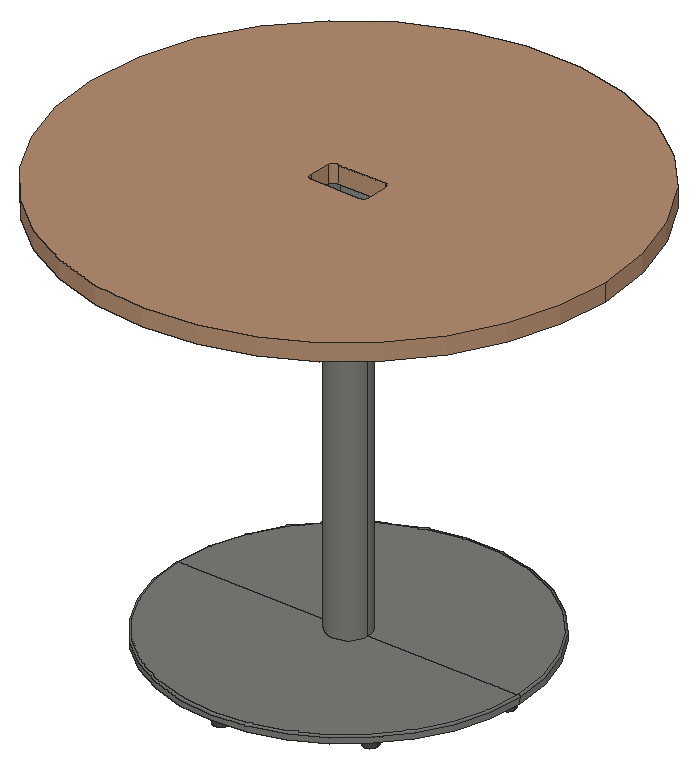
Revit family "Table-Teknion-ATEDB_Circular_Cafe_Table_With_Electrics-R2022", category Furniture, Revit 2023 (continued)
Definition of nested family "Support"
  Automatic sketch dimensions
    plane 1 "Center Front/Back" to Sweep 3 sketch curve = 0.19544"
    profile plane to Sweep 3 sketch curve = 0.64889"
    profile plane to Sweep 3 sketch curve = 1.37498"
    Sweep 3 sketch curve to plane 1 "Center Front/Back" = 0.45344"
    Sweep 3 sketch curve to plane 1 "Center Front/Back" = 1.28012"
    Sweep 4 sketch curve to plane 6 "Back" = 0.000"
    Sweep 4 sketch curve to plane 3 "Center Left/Right" = 1.04878"
    plane 1 "Center Front/Back" to Sweep 4 sketch curve = 0.19544"
    Sweep 4 sketch curve to Sweep 4 sketch curve = 0.000"  (x2)
    Sweep 4 sketch curve to profile plane = 0.000"
    profile plane to Sweep 4 sketch curve = 0.10229"
    Sweep 4 sketch curve to Sweep 4 sketch curve = 0.08524"
    level to Sweep 4 sketch curve = 27.59449"
    Sweep 4 sketch curve to Sweep 4 sketch curve = 0.05906"
    Sweep 4 sketch curve to Sweep 4 sketch curve = 0.04921"
    Sweep 5 sketch curve to plane 8 "Top" = 0.15748"
    plane 3 "Center Left/Right" to Sweep 5 sketch curve = 0.94649"
    Sweep 5 sketch curve to plane 8 "Top" = 0.10827"
    Sweep 5 sketch curve to Sweep 5 sketch curve = 0.08524"
    plane 5 "Right" to Sweep 6 sketch curve = 0.000"
    Sweep 6 sketch curve to plane 8 "Top" = 0.000"
    Sweep 6 sketch curve to plane 8 "Top" = 0.09843"
    Sweep 6 sketch curve to profile plane = 0.000"
    plane 1 "Center Front/Back" to Sweep 6 sketch curve = 0.19544"
    Sweep 6 sketch curve to profile plane = 0.64889"
    Sweep 6 sketch curve to profile plane = 1.37498"
    Sweep 6 sketch curve to plane 1 "Center Front/Back" = 0.45344"
    Sweep 6 sketch curve to plane 1 "Center Front/Back" = 1.28012"
    Sweep 7 sketch curve to plane 6 "Back" = 0.000"
    plane 3 "Center Left/Right" to Sweep 7 sketch curve = 1.04878"
    plane 1 "Center Front/Back" to Sweep 7 sketch curve = 0.19544"
    Sweep 7 sketch curve to Sweep 7 sketch curve = 0.000"  (x2)
    Sweep 7 sketch curve to profile plane = 0.000"
    Sweep 7 sketch curve to profile plane = 0.10229"
    Sweep 7 sketch curve to Sweep 7 sketch curve = 0.08524"
    level to Sweep 7 sketch curve = 27.59449"
    Sweep 7 sketch curve to Sweep 7 sketch curve = 0.05906"
    Sweep 7 sketch curve to Sweep 7 sketch curve = 0.04921"
    Sweep 5 sketch curve to profile plane = 0.86475"
    Sweep 5 sketch curve to profile plane = 0.87174"
    Sweep 5 sketch curve to Sweep 5 sketch curve = 0.06806"
    Sweep 5 sketch curve to plane 1 "Center Front/Back" = 0.48706"
    Sweep 5 sketch curve to Sweep 5 sketch curve = 0.64619"
    Sweep 5 sketch curve to plane 1 "Center Front/Back" = 1.28012"
    Sweep 5 sketch curve to plane 1 "Center Front/Back" = 0.27196"
    Sweep 5 sketch curve to Sweep 5 sketch curve = 0.47466"
    Sweep 5 sketch curve to Sweep 5 sketch curve = 0.02033"
    Sweep 5 sketch curve to Sweep 5 sketch curve = 0.00333"
    plane 1 "Center Front/Back" to Sweep 5 sketch curve = 0.33698"
    Sweep 5 sketch curve to profile plane = 0.000"
    Sweep 5 sketch curve to Sweep 5 sketch curve = 0.1072"
    plane 1 "Center Front/Back" to Sweep 5 sketch curve = 0.19544"
    Sweep 5 sketch curve to Sweep 5 sketch curve = 0.30872"
    Sweep 1 sketch curve to profile plane = 0.000"
    profile plane to Sweep 1 sketch curve = 0.86475"
    Sweep 1 sketch curve to Sweep 1 sketch curve = 0.06806"
    Sweep 1 sketch curve to Sweep 1 sketch curve = 0.64619"
    Sweep 1 sketch curve to plane 1 "Center Front/Back" = 1.28012"
    Sweep 1 sketch curve to plane 1 "Center Front/Back" = 0.48706"
    Sweep 1 sketch curve to plane 1 "Center Front/Back" = 0.27196"
    plane 1 "Center Front/Back" to Sweep 1 sketch curve = 0.64569"
    Sweep 1 sketch curve to Sweep 1 sketch curve = 0.47466"
    Sweep 1 sketch curve to Sweep 1 sketch curve = 0.02033"
    Sweep 1 sketch curve to Sweep 1 sketch curve = 0.00333"
    Sweep 1 sketch curve to Sweep 1 sketch curve = 0.01641"
    plane 1 "Center Front/Back" to Sweep 1 sketch curve = 0.33698"
    Sweep 1 sketch curve to Sweep 1 sketch curve = 0.1072"
    plane 1 "Center Front/Back" to Sweep 1 sketch curve = 0.19544"
    curve 1 to plane 4 "Left" = 0.000"
    curve 17 to plane 6 "Back" = 0.000"
    plane 7 "Front" to curve 12 = 0.000"
    plane 7 "Front" to curve 30 = 0.000"
    curve 20 to plane 6 "Back" = 0.000"
    curve 20 to plane 5 "Right" = 0.000"
    plane 1 "Center Front/Back" to curve 4 = 0.19544"
    plane 4 "Left" to curve 4 = 0.64889"
    curve 18 to plane 3 "Center Left/Right" = 0.86125"
    curve 5 to plane 3 "Center Left/Right" = 0.86125"
    curve 14 to plane 3 "Center Left/Right" = 0.47842"
    curve 10 to curve 16 = 0.00654"
    curve 4 to curve 6 = 0.40074"
    curve 10 to curve 14 = 0.08524"
    curve 10 to curve 16 = 0.08524"
    curve 8 to curve 15 = 0.08524"
    curve 19 to plane 3 "Center Left/Right" = 0.18753"
    curve 13 to plane 3 "Center Left/Right" = 0.18753"
    plane 3 "Center Left/Right" to curve 35 = 0.18753"
    plane 3 "Center Left/Right" to curve 13 = 0.18753"
    plane 3 "Center Left/Right" to curve 24 = 0.37528"
    curve 13 to curve 34 = 0.19912"
    curve 13 to curve 32 = 0.20566"
    curve 33 to curve 25 = 0.08524"
    curve 26 to curve 34 = 0.08524"
    curve 28 to curve 32 = 0.08524"
    plane 1 "Center Front/Back" to curve 23 = 0.19544"
    curve 33 to curve 23 = 0.40074"
    plane 3 "Center Left/Right" to curve 20 = 0.86125"
    plane 5 "Right" to curve 23 = 0.64889"
    curve 13 to plane 7 "Front" = 0.13945"
    curve 13 to curve 34 = 0.17929"
    curve 16 to plane 7 "Front" = 0.31874"
    plane 1 "Center Front/Back" to curve 5 = 0.33698"
    plane 1 "Center Front/Back" to curve 33 = 0.33698"
    curve 2 to plane 1 "Center Front/Back" = 0.45344"
    curve 21 to plane 1 "Center Front/Back" = 0.45344"
    curve 19 to plane 1 "Center Front/Back" = 0.48706"
    curve 6 to curve 4 = 0.08524"
    curve 17 to curve 1 = 0.08524"
    curve 8 to curve 6 = 0.0536"
    curve 12 to plane 3 "Center Left/Right" = 0.51062"
    curve 10 to curve 8 = 0.00821"
    curve 8 to curve 7 = 0.08524"
    curve 12 to curve 11 = 0.08524"  (x2)
    curve 9 to curve 7 = 0.00821"
    curve 17 to curve 18 = 0.08524"
    curve 36 to curve 35 = 0.08524"
    curve 30 to curve 31 = 0.08524"  (x2)
    curve 26 to curve 28 = 0.00821"
    curve 19 to curve 30 = 0.23786"
    curve 26 to curve 25 = 0.03164"
    curve 28 to curve 29 = 0.08524"
    curve 33 to curve 27 = 0.0536"
    curve 20 to curve 35 = 0.08524"
    curve 23 to curve 25 = 0.08524"
    curve 29 to curve 34 = 0.15896"
    curve 10 to curve 10 = 0.15896"
    curve 10 to curve 9 = 0.000"
    curve 28 to curve 29 = 0.000"
    curve 26 to curve 27 = 0.30872"
    curve 7 to curve 6 = 0.30872"
    curve 8 to curve 7 = 0.000"
    curve 26 to curve 27 = 0.000"
    curve 30 to plane 1 "Center Front/Back" = 0.27196"
    curve 30 to curve 31 = 0.000"
    curve 12 to plane 1 "Center Front/Back" = 0.27196"
    curve 12 to curve 11 = 0.000"
Definition of nested family "Teknion_2D_Node_Family-R2016"
  Reference planes (in)
    plane 1 "Center (Front/Back)": y = 0
    plane 2: z = 0
    plane 3 "Center (Left/Right)": x = 0
  Lines and regions (in)
    detail lines, in view "Ref. Level"
      curve 1: circle (0, 0, 0) r 1.25 normal (0, 0, 1)
      curve 2: line (1.91508, -1.91508, 0) -> (-1.91508, 1.91508, 0)
      curve 3: line (-1.91508, -1.91508, 0) -> (1.91508, 1.91508, 0)
Types (3): name | Surface Finish | Model | Height | Description | Base Finish
  (no name) | Foundation Laminate - Teknion - YA - Anigre | "ATEDB29M_AH" | 29.000" | "Circular Cafe Table With Electrics, 29\" Height, Metal Post Base Style, Dual Flush Power Module Cutout" | Paint - Teknion - Mica - Anthracite
  29" Height | Foundation Laminate - Teknion - YA - Anigre | "ATEDB29M_AH" | 29.000" | "Circular Cafe Table With Electrics, 29\" Height, Metal Post Base Style, Dual Flush Power Module Cutout" | Paint - Teknion - Mica - Anthracite
  26" Height | Veneer - Teknion - 5P - Flintwood - Poppy Seed | "ATEDB26M_AH" | 26.000" | "Circular Cafe Table With Electrics, 26\" Height, Metal Post Base Style, Dual Flush Power Module Cutout" | Paint - Teknion - Foundation - Crisp Grey
